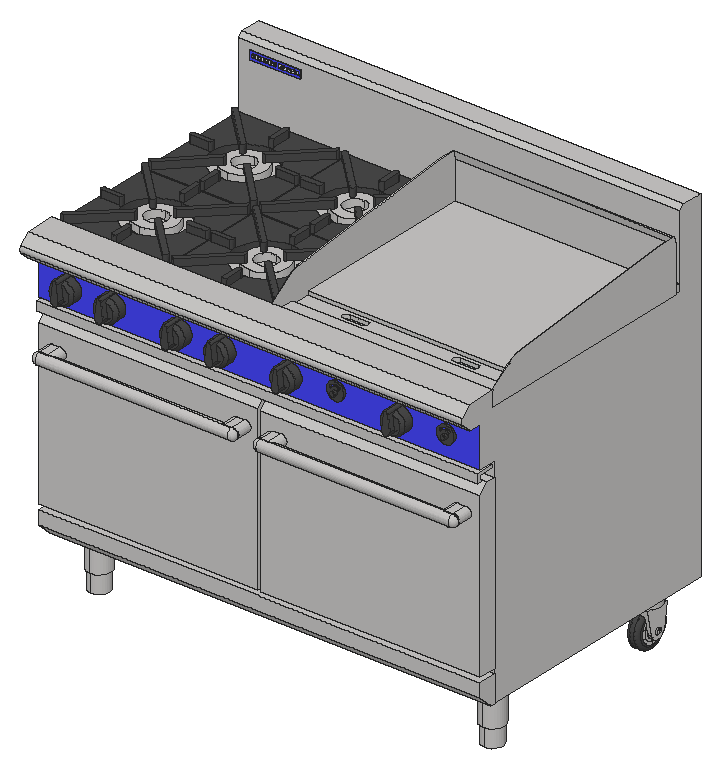
Revit family "QF_MOFFAT_BLUESEAL_CE_G528B", category Specialty Equipment, Revit 2012 (continued)
Definition of nested family "WALDORF LOGO_FACE BASE"
  Forms (mm)
    Extrusion 3, solid, material "QF_Finishes_White", visible <- "Show Logo"
      sketch origin (0, -33.217, 1.588) x (1, 0, 0) y (0, 1, 0)
        loop
          arc (91.063, 17.163) -> (92.045, 17.57) -> (92.452, 18.553) r 1.389
          line (92.452, 18.553) -> (92.452, 20.691)
          arc (92.452, 20.691) -> (92.045, 21.673) -> (91.063, 22.08) r 1.389
          line (91.063, 22.08) -> (83.266, 22.08) -> (83.266, 23.984) -> (86.346, 23.984) -> (86.346, 22.743) -> (92.452, 22.743) -> (92.452, 24.571)
          arc (92.452, 24.571) -> (92.057, 25.524) -> (91.104, 25.919) r 1.348
        loop
          line (70.705, 25.919) -> (59.405, 25.919) -> (59.405, 17.163) -> (70.705, 17.163) -> (70.705, 19.063) -> (65.169, 19.063) -> (65.169, 20.437) -> (70.705, 20.437) -> (70.705, 22.278) -> (65.169, 22.278) -> (65.169, 23.587) -> (70.705, 23.587) -> (70.705, 25.919)
        loop
          line (57.598, 25.919) -> (51.7, 25.919) -> (51.7, 20.18)
          arc (51.7, 20.18) -> (50.63, 19.11) -> (49.56, 20.18) r 1.07
          line (49.56, 20.18) -> (49.56, 25.919) -> (43.663, 25.919) -> (43.663, 19.049)
          arc (43.663, 19.049) -> (44.215, 17.716) -> (45.548, 17.163) r 1.885
          line (45.548, 17.163) -> (55.71, 17.163)
          arc (55.71, 17.163) -> (57.045, 17.716) -> (57.598, 19.051) r 1.887
          line (57.598, 19.051) -> (57.598, 25.919)
        loop
          line (31.62, 25.919) -> (31.62, 17.163) -> (43.046, 17.163) -> (43.046, 19.129) -> (37.388, 19.129) -> (37.388, 25.919) -> (31.62, 25.919)
        loop
          line (15.969, 25.919) -> (15.969, 17.163) -> (28.693, 17.163)
          arc (28.693, 17.163) -> (29.812, 17.627) -> (30.276, 18.746) r 1.582
          line (30.276, 18.746) -> (30.276, 20.447) -> (29.48, 21.243) -> (30.276, 22.039) -> (30.276, 24.332)
          arc (30.276, 24.332) -> (29.811, 25.454) -> (28.688, 25.919) r 1.587
          line (28.688, 25.919) -> (15.969, 25.919)
        loop
          line (21.449, 24.159) -> (21.449, 22.436) -> (23.862, 22.436)
          arc (23.862, 22.436) -> (24.723, 23.298) -> (23.862, 24.159) r 0.861
          line (23.862, 24.159) -> (21.449, 24.159)
        loop
          line (21.449, 20.244) -> (21.449, 18.522) -> (23.862, 18.522)
          arc (23.862, 18.522) -> (24.723, 19.383) -> (23.862, 20.244) r 0.861
          line (23.862, 20.244) -> (21.449, 20.244)
      from 0 to 0.2
    Extrusion 4, solid, material "QF_Finishes_Blue", visible <- "Show Logo"
      sketch origin (-126.498, -31.09, 1.588) x (1, 0, 0) y (0, 1, 0)
        loop
          line (136.738, 23.522) -> (136.738, 15.1)
          arc (136.738, 15.1) -> (140.756, 19.311) -> (136.738, 23.522) r 4.216
      from 0 to 0.2
    Extrusion 5, solid, material "QF_Finishes_Red", visible <- "Show Logo"
      sketch origin (146.849, -31.09, 1.588) x (-1, 0, 0) y (0, -1, 0)
        loop
          arc (136.738, -23.522) -> (140.756, -19.311) -> (136.738, -15.1) r 4.216
          line (136.738, -15.1) -> (136.738, -23.522)
      from 0 to 0.2
  Lines and regions (mm)
    Split face 1
      outline origin (-90.35, -30.793, 1.588) x (1, 0, 0) y (0, 1, 0)
        loop
          circle (100.54, 19.013) r 4.536
  Dimensions and locks
    aligned and locked: plane 2 to Extrusion 1
    aligned and locked: level to Extrusion 1
Definition of nested family "GAS BURNER 600 & GRIDDLE 600"
  Parameters (values of type "GAS BURNER 600 & GRIDDLE 600")
    Width [instance] = 1200 mm
    Weight in Pounds = 0
    URL Cutsheet = ""
    Type Mark [instance] = ""
    Status [instance] = ""
    Specification by User [instance] = ""
    Specification by Manufacturer = ""
    Serial Number = ""
    Seismic Rating = ""
    SMACNA No = ""
    Revision Code [instance] = ""
    Omniclass Number and Title = ""
    NAFEM Spec ID Number = ""
    Masterspec = ""
    Item Number [instance] = ""
    Installed By [instance] = ""
    Identify Quantity as Lot [instance] = yes
    Furnished By [instance] = ""
    Foodservice Equipment Identifier [instance] = yes
    Depth [instance] = 635 mm
    CSI MasterFormat = ""
    CSI Master Format = ""
  Reference planes
    plane 1 "BACK": y = 0
    plane 2: z = 0
    plane 3 "LEFT": x = 0
    plane 4 "RIGHT": x = 1200
    plane 5 "FRONT": y = -635
    plane 6 "TOP": z = 142.5
    plane 7 "Center Y": x = 600
    plane 8 "Center X": y = -317.5
  Dimensions and locks
    equal spacing: plane 3 "LEFT", plane 7 "Center Y", plane 4 "RIGHT"
    "Width": plane 3 "LEFT" to plane 4 "RIGHT"
    equal spacing: plane 5 "FRONT", plane 8 "Center X", plane 1 "BACK"
    "Depth": plane 5 "FRONT" to plane 1 "BACK"
    aligned and locked: level to plane 2
  Nested families
    nested 1: "GAS BURNER 600" at (0, 0, 0), type "GAS BURNER 600"
      with Width 600 mm, Type Mark "", Status "", Specification by User "", Revision Code "", Item Number "", Installed By "", Identify Quantity as Lot yes, Furnished By "", Foodservice Equipment Identifier yes, Depth 635 mm
    nested 2: "GAS GRIDDLE PLATE 600" at (600, -15, 0), type "GAS GRIDDLE PLATE 600"
      with Width 600 mm, Type Mark "", Status "", Specification by User "", Revision Code "", Item Number "", Installed By "", Identify Quantity as Lot yes, Furnished By "", Foodservice Equipment Identifier yes, Depth 620 mm
  Definition of nested family "GAS BURNER 600"
    Parameters (values of type "GAS BURNER 600")
      Width [instance] = 600 mm
      Weight in Pounds = 0
      URL Cutsheet = ""
      Type Mark [instance] = ""
      Status [instance] = ""
      Specification by User [instance] = ""
      Specification by Manufacturer = ""
      Serial Number = ""
      Seismic Rating = ""
      SMACNA No = ""
      Revision Code [instance] = ""
      Omniclass Number and Title = ""
      NAFEM Spec ID Number = ""
      Masterspec = ""
      Item Number [instance] = ""
      Installed By [instance] = ""
      Identify Quantity as Lot [instance] = yes
      Furnished By [instance] = ""
      Foodservice Equipment Identifier [instance] = yes
      Depth [instance] = 635 mm
      CSI MasterFormat = ""
      CSI Master Format = ""
    Reference planes
      plane 1 "BACK": y = 0
      plane 2: z = 0
      plane 3 "LEFT": x = 0
      plane 4 "RIGHT": x = 600
      plane 5 "FRONT": y = -635
      plane 6 "TOP": z = 142.5
      plane 7 "Center Y": x = 300
      plane 8 "Center X": y = -317.5
    Forms (mm)
      Extrusion 1, solid, material "QF_Finishes_Black"
        sketch origin (0, 0, 0) x (0, -1, 0) y (1, 0, 0)
          loop
            line (318.5, 4) -> (318.5, 296)
            arc (318.5, 296) -> (317.621, 298.121) -> (315.5, 299) r 3
            line (315.5, 299) -> (3, 299)
            arc (3, 299) -> (0.879, 298.121) -> (0, 296) r 3
            line (0, 296) -> (0, 4)
            arc (0, 4) -> (0.879, 1.879) -> (3, 1) r 3
            line (3, 1) -> (315.5, 1)
            arc (315.5, 1) -> (317.621, 1.879) -> (318.5, 4) r 3
          loop
            line (324.5, 1) -> (632, 1)
            arc (632, 1) -> (634.121, 1.879) -> (635, 4) r 3
            line (635, 4) -> (635, 296)
            arc (635, 296) -> (634.121, 298.121) -> (632, 299) r 3
            line (632, 299) -> (324.5, 299)
            arc (324.5, 299) -> (322.379, 298.121) -> (321.5, 296) r 3
            line (321.5, 296) -> (321.5, 4)
            arc (321.5, 4) -> (322.379, 1.879) -> (324.5, 1) r 3
          loop
            circle (168.5, 149.991) r 84.082
          loop
            circle (468.5, 149.991) r 84.082
        from 0 to 19.5
      Extrusion 2, solid, material "QF_Finishes_Black"
        sketch origin (0, 0, 19.5) x (0, -1, 0) y (1, 0, 0)
          loop
            spline (326.102, 15.153) -> (325.181, 13.924) -> (324.631, 12.47) -> (324.49, 10.89) -> (324.767, 9.292) -> (325.443, 7.786) -> (326.473, 6.473) -> (327.786, 5.443) -> (329.292, 4.767) -> (330.89, 4.49) -> (332.47, 4.631) -> (333.924, 5.181) -> (335.153, 6.102)
            line (335.153, 6.102) -> (443.076, 114.025)
            spline (443.076, 114.025) -> (443.837, 115.095) -> (444.238, 116.399) -> (444.251, 117.851) -> (443.875, 119.35) -> (443.137, 120.795) -> (442.086, 122.086) -> (440.795, 123.137) -> (439.35, 123.875) -> (437.851, 124.251) -> (436.399, 124.238) -> (435.095, 123.837) -> (434.025, 123.076)
            line (434.025, 123.076) -> (326.102, 15.153)
          loop
            spline (328.898, 156.4) -> (327.604, 156.182) -> (326.398, 155.543) -> (325.362, 154.525) -> (324.568, 153.2) -> (324.068, 151.656) -> (323.898, 150) -> (324.068, 148.344) -> (324.568, 146.8) -> (325.362, 145.475) -> (326.398, 144.457) -> (327.604, 143.818) -> (328.898, 143.6)
            line (328.898, 143.6) -> (378.102, 143.6)
            spline (378.102, 143.6) -> (379.396, 143.818) -> (380.602, 144.457) -> (381.638, 145.475) -> (382.432, 146.8) -> (382.932, 148.344) -> (383.102, 150) -> (382.932, 151.656) -> (382.432, 153.2) -> (381.638, 154.525) -> (380.602, 155.543) -> (379.396, 156.182) -> (378.102, 156.4)
            line (378.102, 156.4) -> (328.898, 156.4)
          loop
            spline (335.153, 293.898) -> (334.084, 294.659) -> (332.779, 295.059) -> (331.328, 295.072) -> (329.829, 294.697) -> (328.384, 293.959) -> (327.092, 292.908) -> (326.041, 291.616) -> (325.303, 290.171) -> (324.928, 288.672) -> (324.941, 287.221) -> (325.341, 285.916) -> (326.102, 284.847)
            line (326.102, 284.847) -> (434.025, 176.924)
            spline (434.025, 176.924) -> (435.095, 176.163) -> (436.399, 175.762) -> (437.851, 175.749) -> (439.35, 176.125) -> (440.795, 176.863) -> (442.086, 177.914) -> (443.137, 179.205) -> (443.875, 180.65) -> (444.251, 182.149) -> (444.238, 183.601) -> (443.837, 184.905) -> (443.076, 185.975)
            line (443.076, 185.975) -> (335.153, 293.898)
          loop
            line (463.6, 291.102) -> (463.6, 241.898)
            spline (463.6, 241.898) -> (463.818, 240.604) -> (464.457, 239.398) -> (465.475, 238.362) -> (466.8, 237.568) -> (468.344, 237.068) -> (470, 236.898) -> (471.656, 237.068) -> (473.2, 237.568) -> (474.525, 238.362) -> (475.543, 239.398) -> (476.182, 240.604) -> (476.4, 241.898)
            line (476.4, 241.898) -> (476.4, 291.102)
            spline (476.4, 291.102) -> (476.182, 292.396) -> (475.543, 293.602) -> (474.525, 294.638) -> (473.2, 295.432) -> (471.656, 295.932) -> (470, 296.102) -> (468.344, 295.932) -> (466.8, 295.432) -> (465.475, 294.638) -> (464.457, 293.602) -> (463.818, 292.396) -> (463.6, 291.102)
          loop
            spline (612.398, 284.847) -> (613.159, 285.916) -> (613.559, 287.221) -> (613.572, 288.672) -> (613.197, 290.171) -> (612.459, 291.616) -> (611.408, 292.908) -> (610.116, 293.959) -> (608.671, 294.697) -> (607.172, 295.072) -> (605.721, 295.059) -> (604.416, 294.659) -> (603.347, 293.898)
            line (603.347, 293.898) -> (496.924, 185.975)
            spline (496.924, 185.975) -> (496.163, 184.905) -> (495.762, 183.601) -> (495.749, 182.149) -> (496.125, 180.65) -> (496.863, 179.205) -> (497.914, 177.914) -> (499.205, 176.863) -> (500.65, 176.125) -> (502.149, 175.749) -> (503.601, 175.762) -> (504.905, 176.163) -> (505.975, 176.924)
            line (505.975, 176.924) -> (612.398, 284.847)
          loop
            spline (609.602, 143.6) -> (610.896, 143.818) -> (612.102, 144.457) -> (613.138, 145.475) -> (613.932, 146.8) -> (614.432, 148.344) -> (614.602, 150) -> (614.432, 151.656) -> (613.932, 153.2) -> (613.138, 154.525) -> (612.102, 155.543) -> (610.896, 156.182) -> (609.602, 156.4)
            line (609.602, 156.4) -> (561.898, 156.4)
            spline (561.898, 156.4) -> (560.604, 156.182) -> (559.398, 155.543) -> (558.362, 154.525) -> (557.568, 153.2) -> (557.068, 151.656) -> (556.898, 150) -> (557.068, 148.344) -> (557.568, 146.8) -> (558.362, 145.475) -> (559.398, 144.457) -> (560.604, 143.818) -> (561.898, 143.6)
            line (561.898, 143.6) -> (609.602, 143.6)
          loop
            line (612.398, 15.153) -> (505.975, 123.076)
            spline (505.975, 123.076) -> (504.905, 123.837) -> (503.601, 124.238) -> (502.149, 124.251) -> (500.65, 123.875) -> (499.205, 123.137) -> (497.914, 122.086) -> (496.863, 120.795) -> (496.125, 119.35) -> (495.749, 117.851) -> (495.762, 116.399) -> (496.163, 115.095) -> (496.924, 114.025)
            line (496.924, 114.025) -> (603.347, 6.102)
            spline (603.347, 6.102) -> (604.416, 5.341) -> (605.721, 4.941) -> (607.172, 4.928) -> (608.671, 5.303) -> (610.116, 6.041) -> (611.408, 7.092) -> (612.459, 8.384) -> (613.197, 9.829) -> (613.572, 11.328) -> (613.559, 12.779) -> (613.159, 14.084) -> (612.398, 15.153)
          loop
            line (476.4, 8.898) -> (476.4, 58.102)
            spline (476.4, 58.102) -> (476.182, 59.396) -> (475.543, 60.602) -> (474.525, 61.638) -> (473.2, 62.432) -> (471.656, 62.932) -> (470, 63.102) -> (468.344, 62.932) -> (466.8, 62.432) -> (465.475, 61.638) -> (464.457, 60.602) -> (463.818, 59.396) -> (463.6, 58.102)
            line (463.6, 58.102) -> (463.6, 8.898)
            spline (463.6, 8.898) -> (463.818, 7.604) -> (464.457, 6.398) -> (465.475, 5.362) -> (466.8, 4.568) -> (468.344, 4.068) -> (470, 3.898) -> (471.656, 4.068) -> (473.2, 4.568) -> (474.525, 5.362) -> (475.543, 6.398) -> (476.182, 7.604) -> (476.4, 8.898)
          loop
            spline (22.602, 15.153) -> (21.681, 13.924) -> (21.131, 12.47) -> (20.99, 10.89) -> (21.267, 9.292) -> (21.943, 7.786) -> (22.973, 6.473) -> (24.286, 5.443) -> (25.792, 4.767) -> (27.39, 4.49) -> (28.97, 4.631) -> (30.424, 5.181) -> (31.653, 6.102)
            line (31.653, 6.102) -> (139.576, 114.025)
            spline (139.576, 114.025) -> (140.337, 115.095) -> (140.738, 116.399) -> (140.751, 117.851) -> (140.375, 119.35) -> (139.637, 120.795) -> (138.586, 122.086) -> (137.295, 123.137) -> (135.85, 123.875) -> (134.351, 124.251) -> (132.899, 124.238) -> (131.595, 123.837) -> (130.525, 123.076)
            line (130.525, 123.076) -> (22.602, 15.153)
          loop
            spline (25.398, 156.4) -> (24.104, 156.182) -> (22.898, 155.543) -> (21.862, 154.525) -> (21.068, 153.2) -> (20.568, 151.656) -> (20.398, 150) -> (20.568, 148.344) -> (21.068, 146.8) -> (21.862, 145.475) -> (22.898, 144.457) -> (24.104, 143.818) -> (25.398, 143.6)
            line (25.398, 143.6) -> (74.602, 143.6)
            spline (74.602, 143.6) -> (75.896, 143.818) -> (77.102, 144.457) -> (78.138, 145.475) -> (78.932, 146.8) -> (79.432, 148.344) -> (79.602, 150) -> (79.432, 151.656) -> (78.932, 153.2) -> (78.138, 154.525) -> (77.102, 155.543) -> (75.896, 156.182) -> (74.602, 156.4)
            line (74.602, 156.4) -> (25.398, 156.4)
          loop
            spline (31.653, 293.898) -> (30.584, 294.659) -> (29.279, 295.059) -> (27.828, 295.072) -> (26.329, 294.697) -> (24.884, 293.959) -> (23.592, 292.908) -> (22.541, 291.616) -> (21.803, 290.171) -> (21.428, 288.672) -> (21.441, 287.221) -> (21.841, 285.916) -> (22.602, 284.847)
            line (22.602, 284.847) -> (130.525, 176.924)
            spline (130.525, 176.924) -> (131.595, 176.163) -> (132.899, 175.762) -> (134.351, 175.749) -> (135.85, 176.125) -> (137.295, 176.863) -> (138.586, 177.914) -> (139.637, 179.205) -> (140.375, 180.65) -> (140.751, 182.149) -> (140.738, 183.601) -> (140.337, 184.905) -> (139.576, 185.975)
            line (139.576, 185.975) -> (31.653, 293.898)
          loop
            line (160.1, 291.102) -> (160.1, 241.898)
            spline (160.1, 241.898) -> (160.318, 240.604) -> (160.957, 239.398) -> (161.975, 238.362) -> (163.3, 237.568) -> (164.844, 237.068) -> (166.5, 236.898) -> (168.156, 237.068) -> (169.7, 237.568) -> (171.025, 238.362) -> (172.043, 239.398) -> (172.682, 240.604) -> (172.9, 241.898)
            line (172.9, 241.898) -> (172.9, 291.102)
            spline (172.9, 291.102) -> (172.682, 292.396) -> (172.043, 293.602) -> (171.025, 294.638) -> (169.7, 295.432) -> (168.156, 295.932) -> (166.5, 296.102) -> (164.844, 295.932) -> (163.3, 295.432) -> (161.975, 294.638) -> (160.957, 293.602) -> (160.318, 292.396) -> (160.1, 291.102)
          loop
            spline (313.898, 284.847) -> (314.659, 285.916) -> (315.059, 287.221) -> (315.072, 288.672) -> (314.697, 290.171) -> (313.959, 291.616) -> (312.908, 292.908) -> (311.616, 293.959) -> (310.171, 294.697) -> (308.672, 295.072) -> (307.221, 295.059) -> (305.916, 294.659) -> (304.847, 293.898)
            line (304.847, 293.898) -> (193.424, 185.975)
            spline (193.424, 185.975) -> (192.663, 184.905) -> (192.262, 183.601) -> (192.249, 182.149) -> (192.625, 180.65) -> (193.363, 179.205) -> (194.414, 177.914) -> (195.705, 176.863) -> (197.15, 176.125) -> (198.649, 175.749) -> (200.101, 175.762) -> (201.405, 176.163) -> (202.475, 176.924)
            line (202.475, 176.924) -> (313.898, 284.847)
          loop
            spline (311.102, 143.6) -> (312.396, 143.818) -> (313.602, 144.457) -> (314.638, 145.475) -> (315.432, 146.8) -> (315.932, 148.344) -> (316.102, 150) -> (315.932, 151.656) -> (315.432, 153.2) -> (314.638, 154.525) -> (313.602, 155.543) -> (312.396, 156.182) -> (311.102, 156.4)
            line (311.102, 156.4) -> (261.898, 156.4)
            spline (261.898, 156.4) -> (260.604, 156.182) -> (259.398, 155.543) -> (258.362, 154.525) -> (257.568, 153.2) -> (257.068, 151.656) -> (256.898, 150) -> (257.068, 148.344) -> (257.568, 146.8) -> (258.362, 145.475) -> (259.398, 144.457) -> (260.604, 143.818) -> (261.898, 143.6)
            line (261.898, 143.6) -> (311.102, 143.6)
          loop
            line (313.898, 15.153) -> (202.475, 123.076)
            spline (202.475, 123.076) -> (201.405, 123.837) -> (200.101, 124.238) -> (198.649, 124.251) -> (197.15, 123.875) -> (195.705, 123.137) -> (194.414, 122.086) -> (193.363, 120.795) -> (192.625, 119.35) -> (192.249, 117.851) -> (192.262, 116.399) -> (192.663, 115.095) -> (193.424, 114.025)
            line (193.424, 114.025) -> (304.847, 6.102)
            spline (304.847, 6.102) -> (305.916, 5.341) -> (307.221, 4.941) -> (308.672, 4.928) -> (310.171, 5.303) -> (311.616, 6.041) -> (312.908, 7.092) -> (313.959, 8.384) -> (314.697, 9.829) -> (315.072, 11.328) -> (315.059, 12.779) -> (314.659, 14.084) -> (313.898, 15.153)
          loop
            line (172.9, 8.898) -> (172.9, 58.102)
            spline (172.9, 58.102) -> (172.682, 59.396) -> (172.043, 60.602) -> (171.025, 61.638) -> (169.7, 62.432) -> (168.156, 62.932) -> (166.5, 63.102) -> (164.844, 62.932) -> (163.3, 62.432) -> (161.975, 61.638) -> (160.957, 60.602) -> (160.318, 59.396) -> (160.1, 58.102)
            line (160.1, 58.102) -> (160.1, 8.898)
            spline (160.1, 8.898) -> (160.318, 7.604) -> (160.957, 6.398) -> (161.975, 5.362) -> (163.3, 4.568) -> (164.844, 4.068) -> (166.5, 3.898) -> (168.156, 4.068) -> (169.7, 4.568) -> (171.025, 5.362) -> (172.043, 6.398) -> (172.682, 7.604) -> (172.9, 8.898)
        from 0 to 20.5
      Extrusion 3, solid, material "QF_Finishes_Stainless Steel"
        sketch origin (0, -15.098, 0) x (0, -1, 0) y (1, 0, 0)
          loop
            circle (151.402, 150) r 57
          loop
            circle (451.402, 150) r 57
          loop
            circle (151.402, 150) r 30
          loop
            circle (451.402, 150) r 30
        from 0 to 20
      Extrusion 4, solid, material "QF_Finishes_Black"
        sketch origin (600, 0, 0) x (0, -1, 0) y (1, 0, 0)
          loop
            arc (318.5, -4) -> (317.621, -1.879) -> (315.5, -1) r 3
            line (315.5, -1) -> (3, -1)
            arc (3, -1) -> (0.879, -1.879) -> (0, -4) r 3
            line (0, -4) -> (0, -296)
            arc (0, -296) -> (0.879, -298.121) -> (3, -299) r 3
            line (3, -299) -> (315.5, -299)
            arc (315.5, -299) -> (317.621, -298.121) -> (318.5, -296) r 3
            line (318.5, -296) -> (318.5, -4)
          loop
            arc (324.5, -1) -> (322.379, -1.879) -> (321.5, -4) r 3
            line (321.5, -4) -> (321.5, -296)
            arc (321.5, -296) -> (322.379, -298.121) -> (324.5, -299) r 3
            line (324.5, -299) -> (632, -299)
            arc (632, -299) -> (634.121, -298.121) -> (635, -296) r 3
            line (635, -296) -> (635, -4)
            arc (635, -4) -> (634.121, -1.879) -> (632, -1) r 3
            line (632, -1) -> (324.5, -1)
          loop
            circle (168.5, -149.991) r 84.082
          loop
            circle (468.5, -149.991) r 84.082
        from 0 to 19.5
      Extrusion 5, solid, material "QF_Finishes_Black"
        sketch origin (600, 0, 19.5) x (0, -1, 0) y (1, 0, 0)
          loop
            line (326.102, -15.153) -> (434.025, -123.076)
            spline (434.025, -123.076) -> (435.095, -123.837) -> (436.399, -124.238) -> (437.851, -124.251) -> (439.35, -123.875) -> (440.795, -123.137) -> (442.086, -122.086) -> (443.137, -120.795) -> (443.875, -119.35) -> (444.251, -117.851) -> (444.238, -116.399) -> (443.837, -115.095) -> (443.076, -114.025)
            line (443.076, -114.025) -> (335.153, -6.102)
            spline (335.153, -6.102) -> (333.924, -5.181) -> (332.47, -4.631) -> (330.89, -4.49) -> (329.292, -4.767) -> (327.786, -5.443) -> (326.473, -6.473) -> (325.443, -7.786) -> (324.767, -9.292) -> (324.49, -10.89) -> (324.631, -12.47) -> (325.181, -13.924) -> (326.102, -15.153)
          loop
            line (328.898, -156.4) -> (378.102, -156.4)
            spline (378.102, -156.4) -> (379.396, -156.182) -> (380.602, -155.543) -> (381.638, -154.525) -> (382.432, -153.2) -> (382.932, -151.656) -> (383.102, -150) -> (382.932, -148.344) -> (382.432, -146.8) -> (381.638, -145.475) -> (380.602, -144.457) -> (379.396, -143.818) -> (378.102, -143.6)
            line (378.102, -143.6) -> (328.898, -143.6)
            spline (328.898, -143.6) -> (327.604, -143.818) -> (326.398, -144.457) -> (325.362, -145.475) -> (324.568, -146.8) -> (324.068, -148.344) -> (323.898, -150) -> (324.068, -151.656) -> (324.568, -153.2) -> (325.362, -154.525) -> (326.398, -155.543) -> (327.604, -156.182) -> (328.898, -156.4)
          loop
            line (335.153, -293.898) -> (443.076, -185.975)
            spline (443.076, -185.975) -> (443.837, -184.905) -> (444.238, -183.601) -> (444.251, -182.149) -> (443.875, -180.65) -> (443.137, -179.205) -> (442.086, -177.914) -> (440.795, -176.863) -> (439.35, -176.125) -> (437.851, -175.749) -> (436.399, -175.762) -> (435.095, -176.163) -> (434.025, -176.924)
            line (434.025, -176.924) -> (326.102, -284.847)
            spline (326.102, -284.847) -> (325.341, -285.916) -> (324.941, -287.221) -> (324.928, -288.672) -> (325.303, -290.171) -> (326.041, -291.616) -> (327.092, -292.908) -> (328.384, -293.959) -> (329.829, -294.697) -> (331.328, -295.072) -> (332.779, -295.059) -> (334.084, -294.659) -> (335.153, -293.898)
          loop
            spline (463.6, -291.102) -> (463.818, -292.396) -> (464.457, -293.602) -> (465.475, -294.638) -> (466.8, -295.432) -> (468.344, -295.932) -> (470, -296.102) -> (471.656, -295.932) -> (473.2, -295.432) -> (474.525, -294.638) -> (475.543, -293.602) -> (476.182, -292.396) -> (476.4, -291.102)
            line (476.4, -291.102) -> (476.4, -241.898)
            spline (476.4, -241.898) -> (476.182, -240.604) -> (475.543, -239.398) -> (474.525, -238.362) -> (473.2, -237.568) -> (471.656, -237.068) -> (470, -236.898) -> (468.344, -237.068) -> (466.8, -237.568) -> (465.475, -238.362) -> (464.457, -239.398) -> (463.818, -240.604) -> (463.6, -241.898)
            line (463.6, -241.898) -> (463.6, -291.102)
          loop
            line (612.398, -284.847) -> (505.975, -176.924)
            spline (505.975, -176.924) -> (504.905, -176.163) -> (503.601, -175.762) -> (502.149, -175.749) -> (500.65, -176.125) -> (499.205, -176.863) -> (497.914, -177.914) -> (496.863, -179.205) -> (496.125, -180.65) -> (495.749, -182.149) -> (495.762, -183.601) -> (496.163, -184.905) -> (496.924, -185.975)
            line (496.924, -185.975) -> (603.347, -293.898)
            spline (603.347, -293.898) -> (604.416, -294.659) -> (605.721, -295.059) -> (607.172, -295.072) -> (608.671, -294.697) -> (610.116, -293.959) -> (611.408, -292.908) -> (612.459, -291.616) -> (613.197, -290.171) -> (613.572, -288.672) -> (613.559, -287.221) -> (613.159, -285.916) -> (612.398, -284.847)
          loop
            line (609.602, -143.6) -> (561.898, -143.6)
            spline (561.898, -143.6) -> (560.604, -143.818) -> (559.398, -144.457) -> (558.362, -145.475) -> (557.568, -146.8) -> (557.068, -148.344) -> (556.898, -150) -> (557.068, -151.656) -> (557.568, -153.2) -> (558.362, -154.525) -> (559.398, -155.543) -> (560.604, -156.182) -> (561.898, -156.4)
            line (561.898, -156.4) -> (609.602, -156.4)
            spline (609.602, -156.4) -> (610.896, -156.182) -> (612.102, -155.543) -> (613.138, -154.525) -> (613.932, -153.2) -> (614.432, -151.656) -> (614.602, -150) -> (614.432, -148.344) -> (613.932, -146.8) -> (613.138, -145.475) -> (612.102, -144.457) -> (610.896, -143.818) -> (609.602, -143.6)
          loop
            spline (612.398, -15.153) -> (613.159, -14.084) -> (613.559, -12.779) -> (613.572, -11.328) -> (613.197, -9.829) -> (612.459, -8.384) -> (611.408, -7.092) -> (610.116, -6.041) -> (608.671, -5.303) -> (607.172, -4.928) -> (605.721, -4.941) -> (604.416, -5.341) -> (603.347, -6.102)
            line (603.347, -6.102) -> (496.924, -114.025)
            spline (496.924, -114.025) -> (496.163, -115.095) -> (495.762, -116.399) -> (495.749, -117.851) -> (496.125, -119.35) -> (496.863, -120.795) -> (497.914, -122.086) -> (499.205, -123.137) -> (500.65, -123.875) -> (502.149, -124.251) -> (503.601, -124.238) -> (504.905, -123.837) -> (505.975, -123.076)
            line (505.975, -123.076) -> (612.398, -15.153)
          loop
            spline (476.4, -8.898) -> (476.182, -7.604) -> (475.543, -6.398) -> (474.525, -5.362) -> (473.2, -4.568) -> (471.656, -4.068) -> (470, -3.898) -> (468.344, -4.068) -> (466.8, -4.568) -> (465.475, -5.362) -> (464.457, -6.398) -> (463.818, -7.604) -> (463.6, -8.898)
            line (463.6, -8.898) -> (463.6, -58.102)
            spline (463.6, -58.102) -> (463.818, -59.396) -> (464.457, -60.602) -> (465.475, -61.638) -> (466.8, -62.432) -> (468.344, -62.932) -> (470, -63.102) -> (471.656, -62.932) -> (473.2, -62.432) -> (474.525, -61.638) -> (475.543, -60.602) -> (476.182, -59.396) -> (476.4, -58.102)
            line (476.4, -58.102) -> (476.4, -8.898)
          loop
            line (22.602, -15.153) -> (130.525, -123.076)
            spline (130.525, -123.076) -> (131.595, -123.837) -> (132.899, -124.238) -> (134.351, -124.251) -> (135.85, -123.875) -> (137.295, -123.137) -> (138.586, -122.086) -> (139.637, -120.795) -> (140.375, -119.35) -> (140.751, -117.851) -> (140.738, -116.399) -> (140.337, -115.095) -> (139.576, -114.025)
            line (139.576, -114.025) -> (31.653, -6.102)
            spline (31.653, -6.102) -> (30.424, -5.181) -> (28.97, -4.631) -> (27.39, -4.49) -> (25.792, -4.767) -> (24.286, -5.443) -> (22.973, -6.473) -> (21.943, -7.786) -> (21.267, -9.292) -> (20.99, -10.89) -> (21.131, -12.47) -> (21.681, -13.924) -> (22.602, -15.153)
          loop
            line (25.398, -156.4) -> (74.602, -156.4)
            spline (74.602, -156.4) -> (75.896, -156.182) -> (77.102, -155.543) -> (78.138, -154.525) -> (78.932, -153.2) -> (79.432, -151.656) -> (79.602, -150) -> (79.432, -148.344) -> (78.932, -146.8) -> (78.138, -145.475) -> (77.102, -144.457) -> (75.896, -143.818) -> (74.602, -143.6)
            line (74.602, -143.6) -> (25.398, -143.6)
            spline (25.398, -143.6) -> (24.104, -143.818) -> (22.898, -144.457) -> (21.862, -145.475) -> (21.068, -146.8) -> (20.568, -148.344) -> (20.398, -150) -> (20.568, -151.656) -> (21.068, -153.2) -> (21.862, -154.525) -> (22.898, -155.543) -> (24.104, -156.182) -> (25.398, -156.4)
          loop
            line (31.653, -293.898) -> (139.576, -185.975)
            spline (139.576, -185.975) -> (140.337, -184.905) -> (140.738, -183.601) -> (140.751, -182.149) -> (140.375, -180.65) -> (139.637, -179.205) -> (138.586, -177.914) -> (137.295, -176.863) -> (135.85, -176.125) -> (134.351, -175.749) -> (132.899, -175.762) -> (131.595, -176.163) -> (130.525, -176.924)
            line (130.525, -176.924) -> (22.602, -284.847)
            spline (22.602, -284.847) -> (21.841, -285.916) -> (21.441, -287.221) -> (21.428, -288.672) -> (21.803, -290.171) -> (22.541, -291.616) -> (23.592, -292.908) -> (24.884, -293.959) -> (26.329, -294.697) -> (27.828, -295.072) -> (29.279, -295.059) -> (30.584, -294.659) -> (31.653, -293.898)
          loop
            spline (160.1, -291.102) -> (160.318, -292.396) -> (160.957, -293.602) -> (161.975, -294.638) -> (163.3, -295.432) -> (164.844, -295.932) -> (166.5, -296.102) -> (168.156, -295.932) -> (169.7, -295.432) -> (171.025, -294.638) -> (172.043, -293.602) -> (172.682, -292.396) -> (172.9, -291.102)
            line (172.9, -291.102) -> (172.9, -241.898)
            spline (172.9, -241.898) -> (172.682, -240.604) -> (172.043, -239.398) -> (171.025, -238.362) -> (169.7, -237.568) -> (168.156, -237.068) -> (166.5, -236.898) -> (164.844, -237.068) -> (163.3, -237.568) -> (161.975, -238.362) -> (160.957, -239.398) -> (160.318, -240.604) -> (160.1, -241.898)
            line (160.1, -241.898) -> (160.1, -291.102)
          loop
            line (313.898, -284.847) -> (202.475, -176.924)
            spline (202.475, -176.924) -> (201.405, -176.163) -> (200.101, -175.762) -> (198.649, -175.749) -> (197.15, -176.125) -> (195.705, -176.863) -> (194.414, -177.914) -> (193.363, -179.205) -> (192.625, -180.65) -> (192.249, -182.149) -> (192.262, -183.601) -> (192.663, -184.905) -> (193.424, -185.975)
            line (193.424, -185.975) -> (304.847, -293.898)
            spline (304.847, -293.898) -> (305.916, -294.659) -> (307.221, -295.059) -> (308.672, -295.072) -> (310.171, -294.697) -> (311.616, -293.959) -> (312.908, -292.908) -> (313.959, -291.616) -> (314.697, -290.171) -> (315.072, -288.672) -> (315.059, -287.221) -> (314.659, -285.916) -> (313.898, -284.847)
          loop
            line (311.102, -143.6) -> (261.898, -143.6)
            spline (261.898, -143.6) -> (260.604, -143.818) -> (259.398, -144.457) -> (258.362, -145.475) -> (257.568, -146.8) -> (257.068, -148.344) -> (256.898, -150) -> (257.068, -151.656) -> (257.568, -153.2) -> (258.362, -154.525) -> (259.398, -155.543) -> (260.604, -156.182) -> (261.898, -156.4)
            line (261.898, -156.4) -> (311.102, -156.4)
            spline (311.102, -156.4) -> (312.396, -156.182) -> (313.602, -155.543) -> (314.638, -154.525) -> (315.432, -153.2) -> (315.932, -151.656) -> (316.102, -150) -> (315.932, -148.344) -> (315.432, -146.8) -> (314.638, -145.475) -> (313.602, -144.457) -> (312.396, -143.818) -> (311.102, -143.6)
          loop
            spline (313.898, -15.153) -> (314.659, -14.084) -> (315.059, -12.779) -> (315.072, -11.328) -> (314.697, -9.829) -> (313.959, -8.384) -> (312.908, -7.092) -> (311.616, -6.041) -> (310.171, -5.303) -> (308.672, -4.928) -> (307.221, -4.941) -> (305.916, -5.341) -> (304.847, -6.102)
            line (304.847, -6.102) -> (193.424, -114.025)
            spline (193.424, -114.025) -> (192.663, -115.095) -> (192.262, -116.399) -> (192.249, -117.851) -> (192.625, -119.35) -> (193.363, -120.795) -> (194.414, -122.086) -> (195.705, -123.137) -> (197.15, -123.875) -> (198.649, -124.251) -> (200.101, -124.238) -> (201.405, -123.837) -> (202.475, -123.076)
            line (202.475, -123.076) -> (313.898, -15.153)
          loop
            spline (172.9, -8.898) -> (172.682, -7.604) -> (172.043, -6.398) -> (171.025, -5.362) -> (169.7, -4.568) -> (168.156, -4.068) -> (166.5, -3.898) -> (164.844, -4.068) -> (163.3, -4.568) -> (161.975, -5.362) -> (160.957, -6.398) -> (160.318, -7.604) -> (160.1, -8.898)
            line (160.1, -8.898) -> (160.1, -58.102)
            spline (160.1, -58.102) -> (160.318, -59.396) -> (160.957, -60.602) -> (161.975, -61.638) -> (163.3, -62.432) -> (164.844, -62.932) -> (166.5, -63.102) -> (168.156, -62.932) -> (169.7, -62.432) -> (171.025, -61.638) -> (172.043, -60.602) -> (172.682, -59.396) -> (172.9, -58.102)
            line (172.9, -58.102) -> (172.9, -8.898)
        from 0 to 20.5
      Extrusion 6, solid, material "QF_Finishes_Stainless Steel"
        sketch origin (600, -15.098, 0) x (0, -1, 0) y (1, 0, 0)
          loop
            circle (151.402, -150) r 57
          loop
            circle (451.402, -150) r 57
          loop
            circle (151.402, -150) r 30
          loop
            circle (451.402, -150) r 30
        from 0 to 20
    Lines and regions (mm)
      symbolic lines
        curve 1: line (284.847, -22.602, 0) -> (176.924, -130.525, 0)
        curve 2: spline (176.924, -130.525, 0) -> (176.163, -131.595, 0) -> (175.762, -132.899, 0) -> (175.749, -134.351, 0) -> (176.125, -135.85, 0) -> (176.863, -137.295, 0) -> (177.914, -138.586, 0) -> (179.205, -139.637, 0) -> (180.65, -140.375, 0) -> (182.149, -140.751, 0) -> (183.601, -140.738, 0) -> (184.905, -140.337, 0) -> (185.975, -139.576, 0)
        curve 3: line (185.975, -139.576, 0) -> (293.898, -31.653, 0)
        curve 4: spline (293.898, -31.653, 0) -> (294.659, -30.584, 0) -> (295.059, -29.279, 0) -> (295.072, -27.828, 0) -> (294.697, -26.329, 0) -> (293.959, -24.884, 0) -> (292.908, -23.592, 0) -> (291.616, -22.541, 0) -> (290.171, -21.803, 0) -> (288.672, -21.428, 0) -> (287.221, -21.441, 0) -> (285.916, -21.841, 0) -> (284.847, -22.602, 0)
        curve 5: line (291.102, -160.1, 0) -> (241.898, -160.1, 0)
        curve 6: spline (241.898, -160.1, 0) -> (240.604, -160.318, 0) -> (239.398, -160.957, 0) -> (238.362, -161.975, 0) -> (237.568, -163.3, 0) -> (237.068, -164.844, 0) -> (236.898, -166.5, 0) -> (237.068, -168.156, 0) -> (237.568, -169.7, 0) -> (238.362, -171.025, 0) -> (239.398, -172.043, 0) -> (240.604, -172.682, 0) -> (241.898, -172.9, 0)
        curve 7: line (241.898, -172.9, 0) -> (291.102, -172.9, 0)
        curve 8: spline (291.102, -172.9, 0) -> (292.396, -172.682, 0) -> (293.602, -172.043, 0) -> (294.638, -171.025, 0) -> (295.432, -169.7, 0) -> (295.932, -168.156, 0) -> (296.102, -166.5, 0) -> (295.932, -164.844, 0) -> (295.432, -163.3, 0) -> (294.638, -161.975, 0) -> (293.602, -160.957, 0) -> (292.396, -160.318, 0) -> (291.102, -160.1, 0)
        curve 9: line (306.102, -31.653, 0) -> (414.025, -139.576, 0)
        curve 10: spline (414.025, -139.576, 0) -> (415.095, -140.337, 0) -> (416.399, -140.738, 0) -> (417.851, -140.751, 0) -> (419.35, -140.375, 0) -> (420.795, -139.637, 0) -> (422.086, -138.586, 0) -> (423.137, -137.295, 0) -> (423.875, -135.85, 0) -> (424.251, -134.351, 0) -> (424.238, -132.899, 0) -> (423.837, -131.595, 0) -> (423.076, -130.525, 0)
        curve 11: line (423.076, -130.525, 0) -> (315.153, -22.602, 0)
        curve 12: spline (315.153, -22.602, 0) -> (314.084, -21.841, 0) -> (312.779, -21.441, 0) -> (311.328, -21.428, 0) -> (309.829, -21.803, 0) -> (308.384, -22.541, 0) -> (307.092, -23.592, 0) -> (306.041, -24.884, 0) -> (305.303, -26.329, 0) -> (304.928, -27.828, 0) -> (304.941, -29.279, 0) -> (305.341, -30.584, 0) -> (306.102, -31.653, 0)
        curve 13: line (443.6, -25.398, 0) -> (443.6, -74.602, 0)
        curve 14: spline (443.6, -74.602, 0) -> (443.818, -75.896, 0) -> (444.457, -77.102, 0) -> (445.475, -78.138, 0) -> (446.8, -78.932, 0) -> (448.344, -79.432, 0) -> (450, -79.602, 0) -> (451.656, -79.432, 0) -> (453.2, -78.932, 0) -> (454.525, -78.138, 0) -> (455.543, -77.102, 0) -> (456.182, -75.896, 0) -> (456.4, -74.602, 0)
        curve 15: line (456.4, -74.602, 0) -> (456.4, -25.398, 0)
        curve 16: spline (456.4, -25.398, 0) -> (456.182, -24.104, 0) -> (455.543, -22.898, 0) -> (454.525, -21.862, 0) -> (453.2, -21.068, 0) -> (451.656, -20.568, 0) -> (450, -20.398, 0) -> (448.344, -20.568, 0) -> (446.8, -21.068, 0) -> (445.475, -21.862, 0) -> (444.457, -22.898, 0) -> (443.818, -24.104, 0) -> (443.6, -25.398, 0)
        curve 17: line (584.847, -22.602, 0) -> (476.924, -130.525, 0)
        curve 18: spline (476.924, -130.525, 0) -> (476.163, -131.595, 0) -> (475.762, -132.899, 0) -> (475.749, -134.351, 0) -> (476.125, -135.85, 0) -> (476.863, -137.295, 0) -> (477.914, -138.586, 0) -> (479.205, -139.637, 0) -> (480.65, -140.375, 0) -> (482.149, -140.751, 0) -> (483.601, -140.738, 0) -> (484.905, -140.337, 0) -> (485.975, -139.576, 0)
        curve 19: line (485.975, -139.576, 0) -> (593.898, -31.653, 0)
        curve 20: spline (593.898, -31.653, 0) -> (594.819, -30.424, 0) -> (595.369, -28.97, 0) -> (595.51, -27.39, 0) -> (595.233, -25.792, 0) -> (594.557, -24.286, 0) -> (593.527, -22.973, 0) -> (592.214, -21.943, 0) -> (590.708, -21.267, 0) -> (589.11, -20.99, 0) -> (587.53, -21.131, 0) -> (586.076, -21.681, 0) -> (584.847, -22.602, 0)
        curve 21: line (591.102, -160.1, 0) -> (541.898, -160.1, 0)
        curve 22: spline (541.898, -160.1, 0) -> (540.604, -160.318, 0) -> (539.398, -160.957, 0) -> (538.362, -161.975, 0) -> (537.568, -163.3, 0) -> (537.068, -164.844, 0) -> (536.898, -166.5, 0) -> (537.068, -168.156, 0) -> (537.568, -169.7, 0) -> (538.362, -171.025, 0) -> (539.398, -172.043, 0) -> (540.604, -172.682, 0) -> (541.898, -172.9, 0)
        curve 23: line (541.898, -172.9, 0) -> (591.102, -172.9, 0)
        curve 24: spline (591.102, -172.9, 0) -> (592.396, -172.682, 0) -> (593.602, -172.043, 0) -> (594.638, -171.025, 0) -> (595.432, -169.7, 0) -> (595.932, -168.156, 0) -> (596.102, -166.5, 0) -> (595.932, -164.844, 0) -> (595.432, -163.3, 0) -> (594.638, -161.975, 0) -> (593.602, -160.957, 0) -> (592.396, -160.318, 0) -> (591.102, -160.1, 0)
        curve 25: line (593.898, -304.847, 0) -> (485.975, -193.424, 0)
        curve 26: spline (485.975, -193.424, 0) -> (484.905, -192.663, 0) -> (483.601, -192.262, 0) -> (482.149, -192.249, 0) -> (480.65, -192.625, 0) -> (479.205, -193.363, 0) -> (477.914, -194.414, 0) -> (476.863, -195.705, 0) -> (476.125, -197.15, 0) -> (475.749, -198.649, 0) -> (475.762, -200.101, 0) -> (476.163, -201.405, 0) -> (476.924, -202.475, 0)
        curve 27: line (476.924, -202.475, 0) -> (584.847, -313.898, 0)
        curve 28: spline (584.847, -313.898, 0) -> (585.916, -314.659, 0) -> (587.221, -315.059, 0) -> (588.672, -315.072, 0) -> (590.171, -314.697, 0) -> (591.616, -313.959, 0) -> (592.908, -312.908, 0) -> (593.959, -311.616, 0) -> (594.697, -310.171, 0) -> (595.072, -308.672, 0) -> (595.059, -307.221, 0) -> (594.659, -305.916, 0) -> (593.898, -304.847, 0)
        curve 29: arc (450, -223.5, 0) -> (468.725, -220.336, 0) -> (485.372, -211.197, 0) r 57
        curve 30: arc (450, -109.5, 0) -> (431.183, -112.696, 0) -> (414.475, -121.924, 0) r 57
        curve 31: arc (450.009, -84.418, 0) -> (478.534, -89.404, 0) -> (503.676, -103.773, 0) r 84.082
        curve 32: arc (450.009, -252.582, 0) -> (420.453, -247.216, 0) -> (394.669, -231.803, 0) r 84.082
        curve 33: arc (450, -136.5, 0) -> (480, -166.5, 0) -> (450, -196.5, 0) r 30
        curve 34: arc (450, -196.5, 0) -> (420, -166.5, 0) -> (450, -136.5, 0) r 30
        curve 35: arc (150, -223.5, 0) -> (168.725, -220.336, 0) -> (185.372, -211.197, 0) r 57
        curve 36: arc (150, -109.5, 0) -> (131.183, -112.696, 0) -> (114.475, -121.924, 0) r 57
        curve 37: arc (149.991, -84.418, 0) -> (178.523, -89.406, 0) -> (203.668, -103.781, 0) r 84.082
        curve 38: arc (149.991, -252.582, 0) -> (120.441, -247.219, 0) -> (94.661, -231.812, 0) r 84.082
        curve 39: line (156.4, -74.602, 0) -> (156.4, -25.398, 0)
        curve 40: spline (156.4, -25.398, 0) -> (156.182, -24.104, 0) -> (155.543, -22.898, 0) -> (154.525, -21.862, 0) -> (153.2, -21.068, 0) -> (151.656, -20.568, 0) -> (150, -20.398, 0) -> (148.344, -20.568, 0) -> (146.8, -21.068, 0) -> (145.475, -21.862, 0) -> (144.457, -22.898, 0) -> (143.818, -24.104, 0) -> (143.6, -25.398, 0)
        curve 41: line (143.6, -25.398, 0) -> (143.6, -74.602, 0)
        curve 42: spline (143.6, -74.602, 0) -> (143.818, -75.896, 0) -> (144.457, -77.102, 0) -> (145.475, -78.138, 0) -> (146.8, -78.932, 0) -> (148.344, -79.432, 0) -> (150, -79.602, 0) -> (151.656, -79.432, 0) -> (153.2, -78.932, 0) -> (154.525, -78.138, 0) -> (155.543, -77.102, 0) -> (156.182, -75.896, 0) -> (156.4, -74.602, 0)
        curve 43: line (358.102, -160.1, 0) -> (308.898, -160.1, 0)
        curve 44: spline (308.898, -160.1, 0) -> (307.604, -160.318, 0) -> (306.398, -160.957, 0) -> (305.362, -161.975, 0) -> (304.568, -163.3, 0) -> (304.068, -164.844, 0) -> (303.898, -166.5, 0) -> (304.068, -168.156, 0) -> (304.568, -169.7, 0) -> (305.362, -171.025, 0) -> (306.398, -172.043, 0) -> (307.604, -172.682, 0) -> (308.898, -172.9, 0)
        curve 45: line (308.898, -172.9, 0) -> (358.102, -172.9, 0)
        curve 46: spline (358.102, -172.9, 0) -> (359.396, -172.682, 0) -> (360.602, -172.043, 0) -> (361.638, -171.025, 0) -> (362.432, -169.7, 0) -> (362.932, -168.156, 0) -> (363.102, -166.5, 0) -> (362.932, -164.844, 0) -> (362.432, -163.3, 0) -> (361.638, -161.975, 0) -> (360.602, -160.957, 0) -> (359.396, -160.318, 0) -> (358.102, -160.1, 0)
        curve 47: line (414.025, -193.424, 0) -> (306.102, -304.847, 0)
        curve 48: spline (306.102, -304.847, 0) -> (305.341, -305.916, 0) -> (304.941, -307.221, 0) -> (304.928, -308.672, 0) -> (305.303, -310.171, 0) -> (306.041, -311.616, 0) -> (307.092, -312.908, 0) -> (308.384, -313.959, 0) -> (309.829, -314.697, 0) -> (311.328, -315.072, 0) -> (312.779, -315.059, 0) -> (314.084, -314.659, 0) -> (315.153, -313.898, 0)
        curve 49: line (315.153, -313.898, 0) -> (423.076, -202.475, 0)
        curve 50: spline (423.076, -202.475, 0) -> (423.837, -201.405, 0) -> (424.238, -200.101, 0) -> (424.251, -198.649, 0) -> (423.875, -197.15, 0) -> (423.137, -195.705, 0) -> (422.086, -194.414, 0) -> (420.795, -193.363, 0) -> (419.35, -192.625, 0) -> (417.851, -192.249, 0) -> (416.399, -192.262, 0) -> (415.095, -192.663, 0) -> (414.025, -193.424, 0)
        curve 51: line (456.4, -311.102, 0) -> (456.4, -261.898, 0)
        curve 52: spline (456.4, -261.898, 0) -> (456.182, -260.604, 0) -> (455.543, -259.398, 0) -> (454.525, -258.362, 0) -> (453.2, -257.568, 0) -> (451.656, -257.068, 0) -> (450, -256.898, 0) -> (448.344, -257.068, 0) -> (446.8, -257.568, 0) -> (445.475, -258.362, 0) -> (444.457, -259.398, 0) -> (443.818, -260.604, 0) -> (443.6, -261.898, 0)
        curve 53: line (443.6, -261.898, 0) -> (443.6, -311.102, 0)
        curve 54: spline (443.6, -311.102, 0) -> (443.818, -312.396, 0) -> (444.457, -313.602, 0) -> (445.475, -314.638, 0) -> (446.8, -315.432, 0) -> (448.344, -315.932, 0) -> (450, -316.102, 0) -> (451.656, -315.932, 0) -> (453.2, -315.432, 0) -> (454.525, -314.638, 0) -> (455.543, -313.602, 0) -> (456.182, -312.396, 0) -> (456.4, -311.102, 0)
        curve 55: line (596, 0, 0) -> (304, 0, 0)
        curve 56: arc (304, 0, 0) -> (301.879, -0.879, 0) -> (301, -3, 0) r 3
        curve 57: line (301, -3, 0) -> (301, -315.5, 0)
        curve 58: arc (301, -315.5, 0) -> (301.879, -317.621, 0) -> (304, -318.5, 0) r 3
        curve 59: line (304, -318.5, 0) -> (596, -318.5, 0)
        curve 60: arc (596, -318.5, 0) -> (598.121, -317.621, 0) -> (599, -315.5, 0) r 3
        curve 61: line (599, -315.5, 0) -> (599, -3, 0)
        curve 62: arc (599, -3, 0) -> (598.121, -0.879, 0) -> (596, 0, 0) r 3
        curve 63: line (296, 0, 0) -> (4, 0, 0)
        curve 64: arc (4, 0, 0) -> (1.879, -0.879, 0) -> (1, -3, 0) r 3
        curve 65: line (1, -3, 0) -> (1, -315.5, 0)
        curve 66: arc (1, -315.5, 0) -> (1.879, -317.621, 0) -> (4, -318.5, 0) r 3
        curve 67: line (4, -318.5, 0) -> (296, -318.5, 0)
        curve 68: arc (296, -318.5, 0) -> (298.121, -317.621, 0) -> (299, -315.5, 0) r 3
        curve 69: line (299, -315.5, 0) -> (299, -3, 0)
        curve 70: arc (299, -3, 0) -> (298.121, -0.879, 0) -> (296, 0, 0) r 3
        curve 71: line (296, -321.5, 0) -> (4, -321.5, 0)
        curve 72: arc (4, -321.5, 0) -> (1.879, -322.379, 0) -> (1, -324.5, 0) r 3
        curve 73: line (1, -324.5, 0) -> (1, -632, 0)
        curve 74: arc (1, -632, 0) -> (1.879, -634.121, 0) -> (4, -635, 0) r 3
        curve 75: line (4, -635, 0) -> (296, -635, 0)
        curve 76: arc (296, -635, 0) -> (298.121, -634.121, 0) -> (299, -632, 0) r 3
        curve 77: line (299, -632, 0) -> (299, -324.5, 0)
        curve 78: arc (299, -324.5, 0) -> (298.121, -322.379, 0) -> (296, -321.5, 0) r 3
        curve 79: line (596, -321.5, 0) -> (304, -321.5, 0)
        curve 80: arc (304, -321.5, 0) -> (301.879, -322.379, 0) -> (301, -324.5, 0) r 3
        curve 81: line (301, -324.5, 0) -> (301, -632, 0)
        curve 82: arc (301, -632, 0) -> (301.879, -634.121, 0) -> (304, -635, 0) r 3
        curve 83: line (304, -635, 0) -> (596, -635, 0)
        curve 84: arc (596, -635, 0) -> (598.121, -634.121, 0) -> (599, -632, 0) r 3
        curve 85: line (599, -632, 0) -> (599, -324.5, 0)
        curve 86: arc (599, -324.5, 0) -> (598.121, -322.379, 0) -> (596, -321.5, 0) r 3
        curve 87: line (293.898, -304.847, 0) -> (185.975, -193.424, 0)
        curve 88: spline (185.975, -193.424, 0) -> (184.905, -192.663, 0) -> (183.601, -192.262, 0) -> (182.149, -192.249, 0) -> (180.65, -192.625, 0) -> (179.205, -193.363, 0) -> (177.914, -194.414, 0) -> (176.863, -195.705, 0) -> (176.125, -197.15, 0) -> (175.749, -198.649, 0) -> (175.762, -200.101, 0) -> (176.163, -201.405, 0) -> (176.924, -202.475, 0)
        curve 89: line (176.924, -202.475, 0) -> (284.847, -313.898, 0)
        curve 90: spline (284.847, -313.898, 0) -> (285.916, -314.659, 0) -> (287.221, -315.059, 0) -> (288.672, -315.072, 0) -> (290.171, -314.697, 0) -> (291.616, -313.959, 0) -> (292.908, -312.908, 0) -> (293.959, -311.616, 0) -> (294.697, -310.171, 0) -> (295.072, -308.672, 0) -> (295.059, -307.221, 0) -> (294.659, -305.916, 0) -> (293.898, -304.847, 0)
        curve 91: line (15.153, -313.898, 0) -> (123.076, -202.475, 0)
        curve 92: spline (123.076, -202.475, 0) -> (123.837, -201.405, 0) -> (124.238, -200.101, 0) -> (124.251, -198.649, 0) -> (123.875, -197.15, 0) -> (123.137, -195.705, 0) -> (122.086, -194.414, 0) -> (120.795, -193.363, 0) -> (119.35, -192.625, 0) -> (117.851, -192.249, 0) -> (116.399, -192.262, 0) -> (115.095, -192.663, 0) -> (114.025, -193.424, 0)
        curve 93: line (114.025, -193.424, 0) -> (6.102, -304.847, 0)
        curve 94: spline (6.102, -304.847, 0) -> (5.341, -305.916, 0) -> (4.941, -307.221, 0) -> (4.928, -308.672, 0) -> (5.303, -310.171, 0) -> (6.041, -311.616, 0) -> (7.092, -312.908, 0) -> (8.384, -313.959, 0) -> (9.829, -314.697, 0) -> (11.328, -315.072, 0) -> (12.779, -315.059, 0) -> (14.084, -314.659, 0) -> (15.153, -313.898, 0)
        curve 95: line (8.898, -172.9, 0) -> (58.102, -172.9, 0)
        curve 96: spline (58.102, -172.9, 0) -> (59.396, -172.682, 0) -> (60.602, -172.043, 0) -> (61.638, -171.025, 0) -> (62.432, -169.7, 0) -> (62.932, -168.156, 0) -> (63.102, -166.5, 0) -> (62.932, -164.844, 0) -> (62.432, -163.3, 0) -> (61.638, -161.975, 0) -> (60.602, -160.957, 0) -> (59.396, -160.318, 0) -> (58.102, -160.1, 0)
        curve 97: line (58.102, -160.1, 0) -> (8.898, -160.1, 0)
        curve 98: spline (8.898, -160.1, 0) -> (7.604, -160.318, 0) -> (6.398, -160.957, 0) -> (5.362, -161.975, 0) -> (4.568, -163.3, 0) -> (4.068, -164.844, 0) -> (3.898, -166.5, 0) -> (4.068, -168.156, 0) -> (4.568, -169.7, 0) -> (5.362, -171.025, 0) -> (6.398, -172.043, 0) -> (7.604, -172.682, 0) -> (8.898, -172.9, 0)
        curve 99: line (6.102, -31.653, 0) -> (114.025, -139.576, 0)
        curve 100: spline (114.025, -139.576, 0) -> (115.095, -140.337, 0) -> (116.399, -140.738, 0) -> (117.851, -140.751, 0) -> (119.35, -140.375, 0) -> (120.795, -139.637, 0) -> (122.086, -138.586, 0) -> (123.137, -137.295, 0) -> (123.875, -135.85, 0) -> (124.251, -134.351, 0) -> (124.238, -132.899, 0) -> (123.837, -131.595, 0) -> (123.076, -130.525, 0)
        curve 101: line (123.076, -130.525, 0) -> (15.153, -22.602, 0)
        curve 102: spline (15.153, -22.602, 0) -> (13.924, -21.681, 0) -> (12.47, -21.131, 0) -> (10.89, -20.99, 0) -> (9.292, -21.267, 0) -> (7.786, -21.943, 0) -> (6.473, -22.973, 0) -> (5.443, -24.286, 0) -> (4.767, -25.792, 0) -> (4.49, -27.39, 0) -> (4.631, -28.97, 0) -> (5.181, -30.424, 0) -> (6.102, -31.653, 0)
        curve 103: arc (150, -136.5, 0) -> (180, -166.5, 0) -> (150, -196.5, 0) r 30
        curve 104: arc (150, -196.5, 0) -> (120, -166.5, 0) -> (150, -136.5, 0) r 30
        curve 105: line (156.4, -311.102, 0) -> (156.4, -261.898, 0)
        curve 106: spline (156.4, -261.898, 0) -> (156.182, -260.604, 0) -> (155.543, -259.398, 0) -> (154.525, -258.362, 0) -> (153.2, -257.568, 0) -> (151.656, -257.068, 0) -> (150, -256.898, 0) -> (148.344, -257.068, 0) -> (146.8, -257.568, 0) -> (145.475, -258.362, 0) -> (144.457, -259.398, 0) -> (143.818, -260.604, 0) -> (143.6, -261.898, 0)
        curve 107: line (143.6, -261.898, 0) -> (143.6, -311.102, 0)
        curve 108: spline (143.6, -311.102, 0) -> (143.818, -312.396, 0) -> (144.457, -313.602, 0) -> (145.475, -314.638, 0) -> (146.8, -315.432, 0) -> (148.344, -315.932, 0) -> (150, -316.102, 0) -> (151.656, -315.932, 0) -> (153.2, -315.432, 0) -> (154.525, -314.638, 0) -> (155.543, -313.602, 0) -> (156.182, -312.396, 0) -> (156.4, -311.102, 0)
        curve 109: line (156.4, -378.102, 0) -> (156.4, -328.898, 0)
        curve 110: spline (156.4, -328.898, 0) -> (156.182, -327.604, 0) -> (155.543, -326.398, 0) -> (154.525, -325.362, 0) -> (153.2, -324.568, 0) -> (151.656, -324.068, 0) -> (150, -323.898, 0) -> (148.344, -324.068, 0) -> (146.8, -324.568, 0) -> (145.475, -325.362, 0) -> (144.457, -326.398, 0) -> (143.818, -327.604, 0) -> (143.6, -328.898, 0)
        curve 111: line (143.6, -328.898, 0) -> (143.6, -378.102, 0)
        curve 112: spline (143.6, -378.102, 0) -> (143.818, -379.396, 0) -> (144.457, -380.602, 0) -> (145.475, -381.638, 0) -> (146.8, -382.432, 0) -> (148.344, -382.932, 0) -> (150, -383.102, 0) -> (151.656, -382.932, 0) -> (153.2, -382.432, 0) -> (154.525, -381.638, 0) -> (155.543, -380.602, 0) -> (156.182, -379.396, 0) -> (156.4, -378.102, 0)
        curve 113: line (284.847, -326.102, 0) -> (176.924, -434.025, 0)
        curve 114: spline (176.924, -434.025, 0) -> (176.163, -435.095, 0) -> (175.762, -436.399, 0) -> (175.749, -437.851, 0) -> (176.125, -439.35, 0) -> (176.863, -440.795, 0) -> (177.914, -442.086, 0) -> (179.205, -443.137, 0) -> (180.65, -443.875, 0) -> (182.149, -444.251, 0) -> (183.601, -444.238, 0) -> (184.905, -443.837, 0) -> (185.975, -443.076, 0)
        curve 115: line (185.975, -443.076, 0) -> (293.898, -335.153, 0)
        curve 116: spline (293.898, -335.153, 0) -> (294.659, -334.084, 0) -> (295.059, -332.779, 0) -> (295.072, -331.328, 0) -> (294.697, -329.829, 0) -> (293.959, -328.384, 0) -> (292.908, -327.092, 0) -> (291.616, -326.041, 0) -> (290.171, -325.303, 0) -> (288.672, -324.928, 0) -> (287.221, -324.941, 0) -> (285.916, -325.341, 0) -> (284.847, -326.102, 0)
        curve 117: line (123.076, -434.025, 0) -> (15.153, -326.102, 0)
        curve 118: spline (15.153, -326.102, 0) -> (13.924, -325.181, 0) -> (12.47, -324.631, 0) -> (10.89, -324.49, 0) -> (9.292, -324.767, 0) -> (7.786, -325.443, 0) -> (6.473, -326.473, 0) -> (5.443, -327.786, 0) -> (4.767, -329.292, 0) -> (4.49, -330.89, 0) -> (4.631, -332.47, 0) -> (5.181, -333.924, 0) -> (6.102, -335.153, 0)
        curve 119: line (6.102, -335.153, 0) -> (114.025, -443.076, 0)
        curve 120: spline (114.025, -443.076, 0) -> (115.095, -443.837, 0) -> (116.399, -444.238, 0) -> (117.851, -444.251, 0) -> (119.35, -443.875, 0) -> (120.795, -443.137, 0) -> (122.086, -442.086, 0) -> (123.137, -440.795, 0) -> (123.875, -439.35, 0) -> (124.251, -437.851, 0) -> (124.238, -436.399, 0) -> (123.837, -435.095, 0) -> (123.076, -434.025, 0)
        curve 121: line (58.102, -463.6, 0) -> (8.898, -463.6, 0)
        curve 122: spline (8.898, -463.6, 0) -> (7.604, -463.818, 0) -> (6.398, -464.457, 0) -> (5.362, -465.475, 0) -> (4.568, -466.8, 0) -> (4.068, -468.344, 0) -> (3.898, -470, 0) -> (4.068, -471.656, 0) -> (4.568, -473.2, 0) -> (5.362, -474.525, 0) -> (6.398, -475.543, 0) -> (7.604, -476.182, 0) -> (8.898, -476.4, 0)
        curve 123: line (8.898, -476.4, 0) -> (58.102, -476.4, 0)
        curve 124: spline (58.102, -476.4, 0) -> (59.396, -476.182, 0) -> (60.602, -475.543, 0) -> (61.638, -474.525, 0) -> (62.432, -473.2, 0) -> (62.932, -471.656, 0) -> (63.102, -470, 0) -> (62.932, -468.344, 0) -> (62.432, -466.8, 0) -> (61.638, -465.475, 0) -> (60.602, -464.457, 0) -> (59.396, -463.818, 0) -> (58.102, -463.6, 0)
        curve 125: line (114.025, -496.924, 0) -> (6.102, -603.347, 0)
        curve 126: spline (6.102, -603.347, 0) -> (5.341, -604.416, 0) -> (4.941, -605.721, 0) -> (4.928, -607.172, 0) -> (5.303, -608.671, 0) -> (6.041, -610.116, 0) -> (7.092, -611.408, 0) -> (8.384, -612.459, 0) -> (9.829, -613.197, 0) -> (11.328, -613.572, 0) -> (12.779, -613.559, 0) -> (14.084, -613.159, 0) -> (15.153, -612.398, 0)
        curve 127: line (15.153, -612.398, 0) -> (123.076, -505.975, 0)
        curve 128: spline (123.076, -505.975, 0) -> (123.837, -504.905, 0) -> (124.238, -503.601, 0) -> (124.251, -502.149, 0) -> (123.875, -500.65, 0) -> (123.137, -499.205, 0) -> (122.086, -497.914, 0) -> (120.795, -496.863, 0) -> (119.35, -496.125, 0) -> (117.851, -495.749, 0) -> (116.399, -495.762, 0) -> (115.095, -496.163, 0) -> (114.025, -496.924, 0)
        curve 129: line (156.4, -609.602, 0) -> (156.4, -561.898, 0)
        curve 130: spline (156.4, -561.898, 0) -> (156.182, -560.604, 0) -> (155.543, -559.398, 0) -> (154.525, -558.362, 0) -> (153.2, -557.568, 0) -> (151.656, -557.068, 0) -> (150, -556.898, 0) -> (148.344, -557.068, 0) -> (146.8, -557.568, 0) -> (145.475, -558.362, 0) -> (144.457, -559.398, 0) -> (143.818, -560.604, 0) -> (143.6, -561.898, 0)
        curve 131: line (143.6, -561.898, 0) -> (143.6, -609.602, 0)
        curve 132: spline (143.6, -609.602, 0) -> (143.818, -610.896, 0) -> (144.457, -612.102, 0) -> (145.475, -613.138, 0) -> (146.8, -613.932, 0) -> (148.344, -614.432, 0) -> (150, -614.602, 0) -> (151.656, -614.432, 0) -> (153.2, -613.932, 0) -> (154.525, -613.138, 0) -> (155.543, -612.102, 0) -> (156.182, -610.896, 0) -> (156.4, -609.602, 0)
        curve 133: line (176.924, -505.975, 0) -> (284.847, -612.398, 0)
        curve 134: spline (284.847, -612.398, 0) -> (285.916, -613.159, 0) -> (287.221, -613.559, 0) -> (288.672, -613.572, 0) -> (290.171, -613.197, 0) -> (291.616, -612.459, 0) -> (292.908, -611.408, 0) -> (293.959, -610.116, 0) -> (294.697, -608.671, 0) -> (295.072, -607.172, 0) -> (295.059, -605.721, 0) -> (294.659, -604.416, 0) -> (293.898, -603.347, 0)
        curve 135: line (293.898, -603.347, 0) -> (185.975, -496.924, 0)
        curve 136: spline (185.975, -496.924, 0) -> (184.905, -496.163, 0) -> (183.601, -495.762, 0) -> (182.149, -495.749, 0) -> (180.65, -496.125, 0) -> (179.205, -496.863, 0) -> (177.914, -497.914, 0) -> (176.863, -499.205, 0) -> (176.125, -500.65, 0) -> (175.749, -502.149, 0) -> (175.762, -503.601, 0) -> (176.163, -504.905, 0) -> (176.924, -505.975, 0)
        curve 137: arc (149.991, -384.418, 0) -> (179.687, -389.836, 0) -> (205.556, -405.393, 0) r 84.082
        curve 138: arc (149.991, -552.582, 0) -> (121.173, -547.489, 0) -> (95.845, -532.827, 0) r 84.082
        curve 139: arc (150, -523.5, 0) -> (167.666, -520.693, 0) -> (183.592, -512.55, 0) r 57
        curve 140: arc (150, -409.5, 0) -> (130.014, -413.119, 0) -> (112.566, -423.515, 0) r 57
        curve 141: arc (150, -436.5, 0) -> (180, -466.5, 0) -> (150, -496.5, 0) r 30
        curve 142: arc (150, -496.5, 0) -> (120, -466.5, 0) -> (150, -436.5, 0) r 30
        curve 143: line (291.102, -463.6, 0) -> (241.898, -463.6, 0)
        curve 144: spline (241.898, -463.6, 0) -> (240.604, -463.818, 0) -> (239.398, -464.457, 0) -> (238.362, -465.475, 0) -> (237.568, -466.8, 0) -> (237.068, -468.344, 0) -> (236.898, -470, 0) -> (237.068, -471.656, 0) -> (237.568, -473.2, 0) -> (238.362, -474.525, 0) -> (239.398, -475.543, 0) -> (240.604, -476.182, 0) -> (241.898, -476.4, 0)
        curve 145: line (241.898, -476.4, 0) -> (291.102, -476.4, 0)
        curve 146: spline (291.102, -476.4, 0) -> (292.396, -476.182, 0) -> (293.602, -475.543, 0) -> (294.638, -474.525, 0) -> (295.432, -473.2, 0) -> (295.932, -471.656, 0) -> (296.102, -470, 0) -> (295.932, -468.344, 0) -> (295.432, -466.8, 0) -> (294.638, -465.475, 0) -> (293.602, -464.457, 0) -> (292.396, -463.818, 0) -> (291.102, -463.6, 0)
        curve 147: line (423.076, -434.025, 0) -> (315.153, -326.102, 0)
        curve 148: spline (315.153, -326.102, 0) -> (314.084, -325.341, 0) -> (312.779, -324.941, 0) -> (311.328, -324.928, 0) -> (309.829, -325.303, 0) -> (308.384, -326.041, 0) -> (307.092, -327.092, 0) -> (306.041, -328.384, 0) -> (305.303, -329.829, 0) -> (304.928, -331.328, 0) -> (304.941, -332.779, 0) -> (305.341, -334.084, 0) -> (306.102, -335.153, 0)
        curve 149: line (306.102, -335.153, 0) -> (414.025, -443.076, 0)
